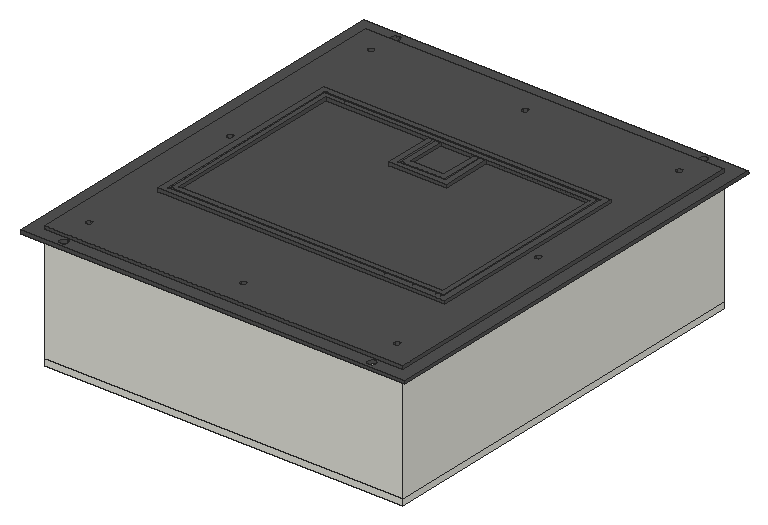
Revit family "Electrical-Box_FSR_FL640P", category Electrical Fixtures, host Face, Revit 2026
Family settings
  Host = Face
  Round Connector Dimension = Use Diameter
  Part Type = Normal
  Cut with Voids When Loaded = No
  Maintain Annotation Orientation = No
  Shared = No
  Room Calculation Point = No
Parameters (values of type "4" Height - 1/4" Edging - Black Cover")
  Warranty Duration (Years) = 0
  Voltage = 0 V
  URL = "http://www.fsrinc.com/"
  Test Data = "ftp://doclib.fsrinc.com/"
  Specification = "http://www.arcat.com/specwizard/clients/fsrinc.html?coid=40389"
  Send Message = "http://admin.arcat.com/users.pl?action=UserEmail&company=FSR%20Inc.&coid=40389&rep=121&fax=973-785-4207&mf=04"
  Sales Information = "http://www.fsrinc.com/salesContacts.htm"
  Product Properties = ""
  Product Data = "http://www.arcat.com/arcatcos/cos40/arc40389.html"
  Pole = 1
  Model = "FL-640P"  # constant formula
  Manufacturer Website = "http://www.fsrinc.com/"
  Manufacturer Phone - Toll Free = "800-332-3771"
  Manufacturer Phone = "973-785-4347"
  Manufacturer Fax = "973-785-4207"
  Manufacturer Address = "244 Bergen Blvd; West Paterson; NJ 07424"
  Manufacturer = "FSR Inc."
  Maintenance Schedule (Months) = 0
  Keynote = "26 27 26"
  Installation-Fabrication = "ftp://doclib.fsrinc.com/"
  Installation Phase = ""
  Green Building-LEED = "http://www.arcat.com/green/clients04/leed_data_40389.html"
  Expected Lifespan (Years) = 0
  Drawn By = "Robert S. Weygant. CSI, CDT, SCIP"  # constant formula
  Description = "FSR FL-640P - 4\" Height - 1/4\" Edging - Black Cover"
  Default Elevation = 48.00"
  Cover Material = Black
  Copyright = "2009, ARCAT, Inc."  # constant formula
  Construction Details = "ftp://doclib.fsrinc.com/"
  Connections = "1\" - 1 1/4\" Knockouts"
  Building Codes = "ftp://doclib.fsrinc.com/"
  Box Width [instance] = 12.01"
  Box Length [instance] = 13.50"
  Box Depth [instance] = 4.02"
  Body Material = Material and Finish as Specified in 26 27 26
  Assembly Code = "D5020100"
  Apparent Load = 0 VA
Types (7): name | Voltage | Description | Cover Material
  (no name) | 0 V | "FSR FL-640P - 4\" Height - 1/4\" Edging - Black Cover" | Black
  6" Height - 1/4" Edging - Brass Cover | 0 V | "FSR FL-640P - 6\" Height - 1/4\" Edging - Brass Cover" | Brass
  6" Height - 1/4" Edging - Black Cover | 0 V | "FSR FL-640P - 6\" Height - 1/4\" Edging - Black Cover" | Black
  6" Height - 1/4" Edging - Gray Cover | 0 V | "FSR FL-640P - 6\" Height - 1/4\" Edging - Gray Cover" | Gray
  4" Height - 1/4" Edging - Gray Cover | 120 V | "FSR FL-640P - 4\" Height - 1/4\" Edging - Gray Cover" | Gray
  4" Height - 1/4" Edging - Brass Cover | 0 V | "FSR FL-640P - 4\" Height - 1/4\" Edging - Brass Cover" | Brass
  4" Height - 1/4" Edging - Black Cover | 0 V | "FSR FL-640P - 4\" Height - 1/4\" Edging - Black Cover" | Black
Reference planes (in)
  plane 1 "Center (Front/Back)": y = 0
  plane 2: z = 0
  plane 3 "Center (Left/Right)": x = 0
  plane 4: y = 6.75
  plane 5: y = -6.75
  plane 6: x = 6.005
  plane 7: x = -6.005
  plane 8 "Base": z = -4.02
Forms (in)
  Sweep 1, solid, material "Black" <- "Cover Material"
    path in 3D
      loop
        line (-6.005, 6.75, 0) -> (-6.005, -6.75, 0) -> (6.005, -6.75, 0) -> (6.005, 6.75, 0) -> (-6.005, 6.75, 0)
    profile origin (0, 6.75, 0) x (0, -1, 0) y (0, 0, 1)
      loop
        line (0, 0) -> (0, 0.09261) -> (-0.45954, 0.09261) -> (-0.45954, 0) -> (0, 0)
  Extrusion 2, void
    sketch origin (-6.46454, -6.95954, 0.09261) x (0, 1, 0) y (1, 0, 0)
      loop
        circle (13.90806, 1.29244) r 0.13881
      loop
        circle (13.90806, 11.64277) r 0.13881
      loop
        circle (-0.02023, 1.29244) r 0.13881
      loop
        circle (-0.02023, 11.64277) r 0.13881
    from 0 to 0.19685
  Extrusion 3, solid, material "Black" <- "Cover Material"
    sketch origin (0, 0, 0) x (1, 0, 0) y (0, 1, 0)
      loop
        line (-6.005, 6.75) -> (-6.005, -6.75) -> (6.005, -6.75) -> (6.005, 6.75) -> (-6.005, 6.75)
    from 0 to 0.19685
  Extrusion 4, void
    sketch origin (0, 0, 0) x (1, 0, 0) y (0, 1, 0)
      loop
        circle (-5.17823, 5.92323) r 0.09843
      loop
        circle (0, 5.92323) r 0.09843
      loop
        circle (5.17823, 5.92323) r 0.09843
      loop
        circle (-5.17823, -5.92323) r 0.09843
      loop
        circle (0, -5.92323) r 0.09843
      loop
        circle (5.17823, -5.92323) r 0.09843
      loop
        circle (-5.17823, 0) r 0.09843
      loop
        circle (5.17823, 0) r 0.09843
    from 0 to 0.19685
  Sweep 5, solid, material "Black" <- "Cover Material"
    path origin (0, 0, 0.19685) x (1, 0, 0) y (0, 1, 0)
      loop
        line (-4.8239, 3.47298) -> (-4.8239, -3.47298) -> (4.8239, -3.47298) -> (4.8239, 3.47298) -> (-4.8239, 3.47298)
    profile origin (0, 3.47298, 0.19685) x (0, 1, 0) y (0, 0, 1)
      loop
        line (-0.3937, 0) -> (0, 0) -> (0, 0.09731) -> (-0.17957, 0.09731)
        arc (-0.17957, 0.09731) -> (-0.20537, 0.07152) -> (-0.23117, 0.09731) r 0.0258
        line (-0.23117, 0.09731) -> (-0.3937, 0.09731) -> (-0.3937, 0)
  Sweep 6, solid, material "Black" <- "Cover Material"
    path origin (0, 0, 0.19685) x (1, 0, 0) y (0, 1, 0)
      loop
        line (0.76277, 3.07928) -> (0.76277, 1.6029) -> (-0.76277, 1.6029) -> (-0.76277, 3.07928)
    profile origin (-0.76277, 2.34109, 0.19685) x (-1, 0, 0) y (0, 0, 1)
      loop
        line (-0.19685, 0) -> (0.19685, 0) -> (0.19685, 0.09731) -> (0.02932, 0.09731)
        arc (0.02932, 0.09731) -> (0.00194, 0.06993) -> (-0.02545, 0.09731) r 0.02739
        line (-0.02545, 0.09731) -> (-0.19685, 0.09731) -> (-0.19685, 0)
  Extrusion 7, solid, material "Material and Finish as Specified in 26 27 26" <- "Body Material"
    sketch origin (0, 0, -4.02) x (0, 1, 0) y (-1, 0, 0)
      loop
        line (6.75, 6.005) -> (-6.75, 6.005) -> (-6.75, -6.005) -> (6.75, -6.005) -> (6.75, 6.005)
    from 0 to 0.19685
  Extrusion 8, solid, material "Material and Finish as Specified in 26 27 26" <- "Body Material"
    sketch origin (0, 0, 0) x (1, 0, 0) y (0, 1, 0)
      loop
        line (-6.005, 6.75) -> (-6.005, -6.75) -> (6.005, -6.75) -> (6.005, 6.75) -> (-6.005, 6.75)
      loop
        line (-5.6113, 6.3563) -> (-5.6113, -6.3563) -> (5.6113, -6.3563) -> (5.6113, 6.3563) -> (-5.6113, 6.3563)
    from -3.82315 to 0
Cuts and joins
  Extrusion 4 cuts Extrusion 3
  Extrusion 2 cuts Sweep 1
Lines and regions (in)
  sketch lines
    curve 1: line (6.005, 6.75, 0) -> (-6.005, 6.75, 0)
    curve 2: line (-6.005, 6.75, 0) -> (-6.005, -6.75, 0)
    curve 3: line (-6.005, -6.75, 0) -> (6.005, -6.75, 0)
    curve 4: line (6.005, -6.75, 0) -> (6.005, 6.75, 0)
Dimensions and locks (in)
  equal spacing: plane 5, plane 1 "Center (Front/Back)", plane 4
  equal spacing: plane 7, plane 3 "Center (Left/Right)", plane 6
  "Box Width": plane 7 to plane 6
  "Box Length": plane 5 to plane 4
  locked: plane 4 to Extrusion 2 sketch curve at 0.19852  (x2)
  locked: plane 7 to Extrusion 2 sketch curve at 0.8329  (x2)
  locked: Extrusion 2 sketch curve to plane 6 at 0.82677  (x2)
  locked: Extrusion 2 sketch curve to plane 5 at 0.22977
  locked: Extrusion 3 to Extrusion 4 sketch curve at 0.82677
  locked: Extrusion 4 sketch curve to plane 6 at 0.82677  (x2)
  locked: plane 7 to Extrusion 4 sketch curve at 0.82677
  Sweep 5 sketch curve to plane 1 "Center (Front/Back)" to Sweep 5 sketch curve = 3.47298", 3.47298"
  equal spacing: Sweep 6 sketch curve, plane 3 "Center (Left/Right)", Sweep 6 sketch curve
  locked: Sweep 5 to Sweep 6 sketch curve at 1.47638
  equal spacing: Sweep 5 sketch curve, plane 3 "Center (Left/Right)", Sweep 5 sketch curve
  "Box Depth": plane 2 to plane 8 "Base"
  locked: Extrusion 7 to plane 8 "Base" at 0.19685
  locked: Extrusion 8 to plane 7 at 0.3937
  locked: plane 6 to Extrusion 8 at 0.3937
  locked: plane 4 to Extrusion 8 at 0.3937
  locked: Extrusion 8 to plane 5 at 0.3937
  aligned and locked: plane 2 to host face
  aligned and locked: level to host face
  aligned and locked: plane 8 "Base" to Extrusion 7
  aligned and locked: Extrusion 8 sketch curve to cut or joined group of Extrusion 3, Extrusion 4  (x4)
  aligned and locked: Extrusion 8 to Extrusion 7  (x2)
  aligned and locked: cut or joined group of Extrusion 3, Extrusion 4 to host face
  aligned and locked: plane 2 to Extrusion 8
Automatic sketch dimensions
  host sketch curve to host sketch curve = 96.00"  (x2)
  profile plane to Sweep 1 sketch curve = 0.09261"
  profile plane to Sweep 1 sketch curve = 0.45954"
  plane 1 "Center (Front/Back)" to Extrusion 4 sketch curve = 0.00"  (x2)
  Extrusion 4 sketch curve to plane 3 "Center (Left/Right)" = 0.00"  (x2)
  plane 7 to Extrusion 4 sketch curve = 0.82677"
  Extrusion 4 sketch curve to plane 6 = 0.82677"
  Sweep 5 sketch curve to Extrusion 3 = 1.1811"
  Sweep 5 sketch curve to profile plane = 0.00"  (x2)
  Sweep 5 sketch curve to Sweep 5 sketch curve = 0.17957"
  Sweep 5 sketch curve to Sweep 5 sketch curve = 0.0258"
  Sweep 5 sketch curve to Sweep 5 sketch curve = 0.16254"
  profile plane to Sweep 5 sketch curve = 0.09731"
  Sweep 6 sketch curve to Extrusion 3 = 5.24223"
  Sweep 6 sketch curve to Sweep 6 sketch curve = 1.47638"  (x2)
  Sweep 6 sketch curve to profile plane = 0.00"
  profile plane to Sweep 6 sketch curve = 0.19685"
  profile plane to Sweep 6 sketch curve = 0.02545"
  Sweep 6 sketch curve to profile plane = 0.00194"
  Sweep 6 sketch curve to Sweep 6 sketch curve = 0.16753"
  profile plane to Sweep 6 sketch curve = 0.09731"
  plane 5 to Extrusion 7 sketch curve = 0.00"
  plane 4 to Extrusion 7 sketch curve = 0.00"
  Extrusion 7 sketch curve to plane 6 = 0.00"
  Extrusion 7 sketch curve to plane 7 = 0.00"
  Sweep 1 sketch curve to profile plane = 0.00"  (x2)
  plane 5 to Extrusion 3 sketch curve = 0.00"
  Extrusion 3 sketch curve to plane 7 = 0.00"
  Extrusion 3 sketch curve to plane 6 = 0.00"
  plane 4 to Extrusion 3 sketch curve = 0.00"
  Extrusion 4 sketch curve to plane 5 = 0.82677"  (x3)
  plane 4 to Extrusion 4 sketch curve = 0.82677"  (x3)
  plane 7 to Extrusion 8 sketch curve = 0.3937"
  Extrusion 8 sketch curve to plane 6 = 0.3937"
  Extrusion 8 sketch curve to plane 5 = 0.3937"
  plane 4 to Extrusion 8 sketch curve = 0.3937"
  plane 5 to Extrusion 2 sketch curve = 0.22977"
  radius of Extrusion 2 sketch curve = 0.13881"  (x4)
  radius of Extrusion 4 sketch curve = 0.09843"  (x8)
Connectors (in)
  electrical at (0, 0, -4.02), driven by "Voltage", driven by "Apparent Load", driven by "Pole", driven by "Apparent Load"
    settings: on Extrusion 7, index 1, voltage 0 V, apparent load 0 VA, apparent load phase1 0 VA, apparent load phase2 0 VA, apparent load phase3 0 VA, power factor 1, load classification "Other", number of poles 1, system type 30, power factor state 1, is connector primary yes, connector utility no, sub classification motor no, connector description ""
